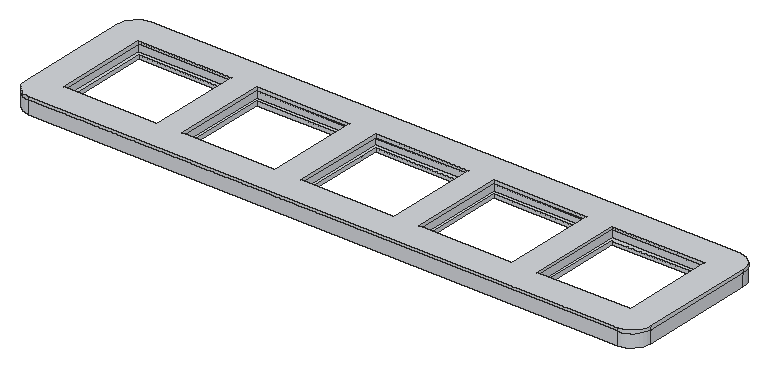
Revit family "Gira_0215426", category Electrical Fixtures, host Face, Revit 2017
Family settings
  Host = Face
  Maintain Annotation Orientation = No
  Round Connector Dimension = Use Diameter
  Part Type = Normal
  Cut with Voids When Loaded = No
  Shared = No
  Room Calculation Point = No
Parameters (values of type "Cov.fr. 5-g Gira E3 umber/anthra.")
  URL = "http://katalog.gira.de/en/datenblatt.html?artikelnr=0215426"
  Transparent = "No"
  Name = "Cov.fr. 5-g Gira E3 umber/anthra."
  Manufacturer URL = "https://www.gira.de/"
  Manufacturer = "Gira"
  Keynote = ""
  HeinzeBIM = "https://bimportal.heinze.de/bim/cov-fr-5-g-gira-e3-umber-anthra-/fa4c20c1bf074b9a44169033e2a2ecf880aefa5d"
  HAN = "0215426"
  GTIN = "4010337024491"
  Description = "Cov.fr.5g E3 UmAn,Gira E3 cover frame,umber soft touch with anthracite intermediate frame,5-gang,Features:,- Shatter-proof.,,Notes :,- Soft-touch surface,- NCS value: approx. NCS S 7010-Y10R"
  Default Elevation = 1219.2 mm
  Data sheet (1) = "https://katalog.gira.de/en/download.html?artikelnr=0215426"
  Category = "Cover frame for domestic switching devices"
  BIM (1) = "https://media.stage.bim.site/public/gira/36a6b08/E3_Rahmen_5fach.rfa"
  Available = "No"
Reference planes
  plane 1 "Center (Front/Back)": y = 0
  plane 2: z = 0
  plane 3 "Center (Left/Right)": x = 0
Forms (mm)
  Extrusion 1, solid, detail levels fine
    sketch origin (0, 0, 0) x (1, 0, 0) y (0, 1, 0)
      loop
        arc (-177.4, 45.809) -> (-185.185, 42.585) -> (-188.409, 34.8) r 11.009
        line (-188.409, 34.8) -> (-188.409, -34.8)
        arc (-188.409, -34.8) -> (-185.185, -42.585) -> (-177.4, -45.809) r 11.009
        line (-177.4, -45.809) -> (177.4, -45.809)
        arc (177.4, -45.809) -> (185.185, -42.585) -> (188.409, -34.8) r 11.009
        line (188.409, -34.8) -> (188.409, 34.8)
        arc (188.409, 34.8) -> (185.185, 42.585) -> (177.4, 45.809) r 11.009
        line (177.4, 45.809) -> (-177.4, 45.809)
      loop
        line (-114.5, 28.187) -> (-170.756, 28.187) -> (-170.756, -28.187) -> (-114.5, -28.187) -> (-114.5, 28.187)
      loop
        line (-99.6, 28.187) -> (-99.6, -28.187) -> (-43.344, -28.187) -> (-43.344, 28.187) -> (-99.6, 28.187)
      loop
        line (114.5, 28.187) -> (114.5, -28.187) -> (170.756, -28.187) -> (170.756, 28.187) -> (114.5, 28.187)
      loop
        line (28.301, 28.187) -> (-27.955, 28.187) -> (-27.955, -28.187) -> (28.301, -28.187) -> (28.301, 28.187)
      loop
        line (43.143, 28.187) -> (43.143, -28.187) -> (99.399, -28.187) -> (99.399, 28.187) -> (43.143, 28.187)
    from 7.65 to 9.5
  Extrusion 2, solid, detail levels fine
    sketch origin (-142.8, 0, 0) x (1, 0, 0) y (0, 1, 0)
      loop
        line (26.1, 25.7) -> (-25.7, 25.7) -> (-25.7, -25.7) -> (26.1, -25.7) -> (26.1, 25.7)
      loop
        line (-28.187, -28.156) -> (28.187, -28.156) -> (28.187, 28.156) -> (-28.187, 28.156) -> (-28.187, -28.156)
    from 1.65 to 3.9
  Extrusion 3, solid, detail levels fine
    sketch origin (0, 0, 0) x (1, 0, 0) y (0, 1, 0)
      loop
        arc (-177.4, 45.809) -> (-185.185, 42.585) -> (-188.409, 34.8) r 11.009
        line (-188.409, 34.8) -> (-188.409, -34.8)
        arc (-188.409, -34.8) -> (-185.185, -42.585) -> (-177.4, -45.809) r 11.009
        line (-177.4, -45.809) -> (177.4, -45.809)
        arc (177.4, -45.809) -> (185.185, -42.585) -> (188.409, -34.8) r 11.009
        line (188.409, -34.8) -> (188.409, 34.8)
        arc (188.409, 34.8) -> (185.185, 42.585) -> (177.4, 45.809) r 11.009
        line (177.4, 45.809) -> (-177.4, 45.809)
      loop
        line (-186.443, 34.785) -> (-186.443, -34.785)
        arc (-186.443, -34.785) -> (-183.79, -41.19) -> (-177.385, -43.843) r 9.058
        line (-177.385, -43.843) -> (177.385, -43.843)
        arc (177.385, -43.843) -> (183.79, -41.19) -> (186.443, -34.785) r 9.058
        line (186.443, -34.785) -> (186.443, 34.785)
        arc (186.443, 34.785) -> (183.79, 41.19) -> (177.385, 43.843) r 9.058
        line (177.385, 43.843) -> (-177.385, 43.843)
        arc (-177.385, 43.843) -> (-183.79, 41.19) -> (-186.443, 34.785) r 9.058
    from 0 to 7.65
  Extrusion 4, solid, detail levels fine
    sketch origin (-35.75, 0, 0) x (1, 0, 0) y (0, 1, 0)
      loop
        line (-134.256, -31.075) -> (205.755, -31.075)
        arc (205.755, -31.075) -> (208.399, -29.98) -> (209.494, -27.337) r 3.739
        line (209.494, -27.337) -> (209.494, 27.337)
        arc (209.494, 27.337) -> (208.399, 29.98) -> (205.755, 31.075) r 3.739
        line (205.755, 31.075) -> (-134.256, 31.075)
        arc (-134.256, 31.075) -> (-136.899, 29.98) -> (-137.994, 27.337) r 3.739
        line (-137.994, 27.337) -> (-137.994, -27.337)
        arc (-137.994, -27.337) -> (-136.899, -29.98) -> (-134.256, -31.075) r 3.739
      loop
        line (-136.844, 27.537) -> (-136.844, -27.537)
        arc (-136.844, -27.537) -> (-136.145, -29.226) -> (-134.456, -29.925) r 2.389
        line (-134.456, -29.925) -> (205.955, -29.925)
        arc (205.955, -29.925) -> (207.644, -29.226) -> (208.344, -27.537) r 2.389
        line (208.344, -27.537) -> (208.344, 27.537)
        arc (208.344, 27.537) -> (207.644, 29.226) -> (205.955, 29.925) r 2.389
        line (205.955, 29.925) -> (-134.456, 29.925)
        arc (-134.456, 29.925) -> (-136.145, 29.226) -> (-136.844, 27.537) r 2.389
    from 1.65 to 7.65
  Extrusion 5, solid, detail levels fine
    sketch origin (0, 0, 0) x (1, 0, 0) y (0, 1, 0)
      loop
        line (-174.653, -39.8) -> (174.653, -39.8)
        arc (174.653, -39.8) -> (180.267, -36.708) -> (182.5, -30.7) r 9.2
        line (182.5, -30.7) -> (182.5, 30.7)
        arc (182.5, 30.7) -> (179.805, 37.205) -> (173.3, 39.9) r 9.2
        line (173.3, 39.9) -> (-173.3, 39.9)
        arc (-173.3, 39.9) -> (-179.805, 37.205) -> (-182.5, 30.7) r 9.2
        line (-182.5, 30.7) -> (-182.5, -30.7)
        arc (-182.5, -30.7) -> (-180.267, -36.708) -> (-174.653, -39.8) r 9.2
      loop
        line (-173.3, -31.7) -> (173.3, -31.7)
        arc (173.3, -31.7) -> (174.007, -31.407) -> (174.3, -30.7) r 1
        line (174.3, -30.7) -> (174.3, 30.7)
        arc (174.3, 30.7) -> (174.007, 31.407) -> (173.3, 31.7) r 1
        line (173.3, 31.7) -> (-173.3, 31.7)
        arc (-173.3, 31.7) -> (-174.007, 31.407) -> (-174.3, 30.7) r 1
        line (-174.3, 30.7) -> (-174.3, -30.7)
        arc (-174.3, -30.7) -> (-174.007, -31.407) -> (-173.3, -31.7) r 1
    from 1.65 to 3.9
  Extrusion 6, solid, detail levels fine
    sketch origin (-142.8, 0, 0) x (1, 0, 0) y (0, 1, 0)
      loop
        line (-28.187, 28.156) -> (-28.187, -28.156) -> (28.187, -28.156) -> (28.187, 28.156) -> (-28.187, 28.156)
      loop
        line (-29.925, 29.925) -> (-29.925, -29.925) -> (29.925, -29.925) -> (29.925, 29.925) -> (-29.925, 29.925)
    from 1.65 to 7.65
  Extrusion 7, solid, detail levels coarse+medium
    sketch origin (0, 0, 0) x (1, 0, 0) y (0, 1, 0)
      loop
        line (-188.409, 45.809) -> (-188.409, -45.809) -> (188.409, -45.809) -> (188.409, 45.809) -> (-188.409, 45.809)
    from 0 to 9.5
  Extrusion 8, solid, detail levels fine
    sketch origin (-71.3, 0, 0) x (-1, 0, 0) y (0, -1, 0)
      loop
        line (25.9, -25.7) -> (25.9, 25.7) -> (-25.9, 25.7) -> (-25.9, -25.7) -> (25.9, -25.7)
      loop
        line (-28.187, 28.156) -> (-28.187, -28.156) -> (28.187, -28.156) -> (28.187, 28.156) -> (-28.187, 28.156)
    from 1.65 to 3.9
  Extrusion 9, solid, detail levels fine
    sketch origin (-71.3, 0, 0) x (-1, 0, 0) y (0, -1, 0)
      loop
        line (-28.187, -28.156) -> (28.187, -28.156) -> (28.187, 28.156) -> (-28.187, 28.156) -> (-28.187, -28.156)
      loop
        line (-29.925, -29.925) -> (29.925, -29.925) -> (29.925, 29.925) -> (-29.925, 29.925) -> (-29.925, -29.925)
    from 1.65 to 7.65
  Extrusion 10, solid, detail levels fine
    sketch origin (0.2, 0, 0) x (-1, 0, 0) y (0, -1, 0)
      loop
        line (26.1, -25.7) -> (26.1, 25.7) -> (-25.7, 25.7) -> (-25.7, -25.7) -> (26.1, -25.7)
      loop
        line (-28.187, 28.156) -> (-28.187, -28.156) -> (28.187, -28.156) -> (28.187, 28.156) -> (-28.187, 28.156)
    from 1.65 to 3.9
  Extrusion 11, solid, detail levels fine
    sketch origin (0.2, 0, 0) x (-1, 0, 0) y (0, -1, 0)
      loop
        line (-28.187, -28.156) -> (28.187, -28.156) -> (28.187, 28.156) -> (-28.187, 28.156) -> (-28.187, -28.156)
      loop
        line (-29.925, -29.925) -> (29.925, -29.925) -> (29.925, 29.925) -> (-29.925, 29.925) -> (-29.925, -29.925)
    from 1.65 to 7.65
  Extrusion 12, solid, detail levels fine
    sketch origin (71.5, 0, 0) x (-1, 0, 0) y (0, -1, 0)
      loop
        line (26.1, -25.7) -> (26.1, 25.7) -> (-25.7, 25.7) -> (-25.7, -25.7) -> (26.1, -25.7)
      loop
        line (-28.187, 28.156) -> (-28.187, -28.156) -> (28.187, -28.156) -> (28.187, 28.156) -> (-28.187, 28.156)
    from 1.65 to 3.9
  Extrusion 13, solid, detail levels fine
    sketch origin (71.5, 0, 0) x (-1, 0, 0) y (0, -1, 0)
      loop
        line (-28.187, -28.156) -> (28.187, -28.156) -> (28.187, 28.156) -> (-28.187, 28.156) -> (-28.187, -28.156)
      loop
        line (-29.925, -29.925) -> (29.925, -29.925) -> (29.925, 29.925) -> (-29.925, 29.925) -> (-29.925, -29.925)
    from 1.65 to 7.65
  Extrusion 14, solid, detail levels fine
    sketch origin (142.8, 0, 0) x (-1, 0, 0) y (0, -1, 0)
      loop
        line (26.1, -25.7) -> (26.1, 25.7) -> (-25.7, 25.7) -> (-25.7, -25.7) -> (26.1, -25.7)
      loop
        line (-28.187, 28.156) -> (-28.187, -28.156) -> (28.187, -28.156) -> (28.187, 28.156) -> (-28.187, 28.156)
    from 1.65 to 3.9
  Extrusion 15, solid, detail levels fine
    sketch origin (142.8, 0, 0) x (-1, 0, 0) y (0, -1, 0)
      loop
        line (-28.187, -28.156) -> (28.187, -28.156) -> (28.187, 28.156) -> (-28.187, 28.156) -> (-28.187, -28.156)
      loop
        line (-29.925, -29.925) -> (29.925, -29.925) -> (29.925, 29.925) -> (-29.925, 29.925) -> (-29.925, -29.925)
    from 1.65 to 7.65
Dimensions and locks
  aligned and locked: plane 2 to host face
  aligned and locked: level to host face
